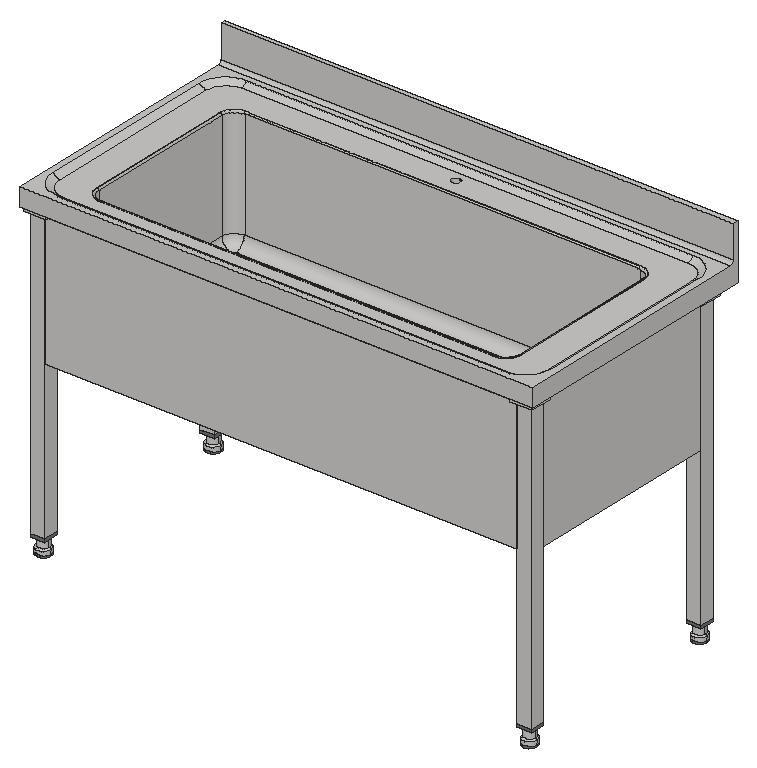
Revit family "QF_ELECTROLUXPROFESSIONAL_132910_SLP14N", category Attrezzature speciali, Revit 2020
Family settings
  Quota connettore circolare = Usa diametro
  Tipo di parte = Normale
  Basato su piano di lavoro = No
  Sempre verticale = Sì
  Taglio con vuoti quando caricato = No
  Condiviso = No
  Punto di calcolo locali = No
Parameters (values of type "Standard")
  Weight = 60.00 kg
  Watts = 0 W
  Volts = 0 V
  URL Manufacturer = "https://www.electroluxprofessional.com/"
  URL = "https://www.electroluxprofessional.com/"
  Steam Supply Size = 0 mm
  Steam Supply Minimum Pressure = 0.0 Pa
  Steam Supply Maximum Pressure = 0.0 Pa
  Steam Consumption per Hour = 0
  Refrigeration Suction Line Size = 0.0 mm
  Refrigeration Liquid Line Size = 0.0 mm
  Refrigerant Compressor Remote = yes
  Prospetto di default = 0.0 mm
  Phase = 0
  Modello = "SLP14N"
  Produttore = "Electrolux Professional"
  Length Actual = 1400.0 mm  # constant formula
  Item Number = "132910"
  Hot Water Size = 0 mm
  Height Actual = 900.0 mm  # constant formula
  HP = "0 HP"
  Gas Size = 0 mm
  Gas KW = 0
  Gas Input Pressure = 0 W
  Direct Waste Size = 139.7 mm
  Descrizione = "SOAKING SINK UNIT WITH 1 BOWL (1280X510X340MM), 1400MM"
  Depth Actual = 700.0 mm  # constant formula
  Cycle = 0 Hz
  Condensate Return Size = 0 mm
  Compressed Air Volume = 0.0 L/s
  Compressed Air Size = 0 mm
  Compressed Air Pressure = 0.0 Pa
  Cold Water Size = 0 mm
  Accessory = yes
Reference planes
  plane 1 "Center (Front/Back)": y = 0
  plane 2: z = 0
  plane 3 "Center (Left/Right)": x = 100
  plane 4 "LEFT": x = -600
  plane 5 "RIGHT": x = 800
  plane 6 "BACK": y = 350
  plane 7 "FRONT": y = -350
  plane 8 "Base": z = 850
  plane 9 "TOP": z = 900
  plane 10 "Sink_Base": z = 558
  plane 11 "ScaricoX": x = 600
  plane 12: z = 441
  plane 13: y = 245
  plane 14 "PlaneGrid": z = 890
  plane 15 "ScaricoY": y = 141
Forms (mm)
  Extrusion 1, solid, material "QF_Finishes_Stainless Steel"
    sketch origin (100, 0, 0) x (0, 1, 0) y (0, 0, 1)
      loop
        line (-350, 850) -> (350, 850) -> (350, 1000) -> (337, 1000) -> (337, 910)
        arc (337, 910) -> (334.071, 902.929) -> (327, 900) r 10
        line (327, 900) -> (-350, 900) -> (-350, 850)
    from 700 to -700
  Extrusion 2, void
    sketch origin (0, 9, 558) x (0, -1, 0) y (1, 0, 0)
      loop
        circle (-132, 600) r 28
    from 32.343 to -63.145
  Revolve 3, solid, material "QF_Finishes_White"
    sketch origin (600, 9, 0) x (0, -1, 0) y (0, 0, 1)
      loop
        line (-148.5, 542.617) -> (-148.5, 528.5) -> (-147, 528.5) -> (-147, 543.449) -> (-158.558, 550.671) -> (-158.558, 558) -> (-160.058, 558) -> (-160.058, 549.84) -> (-148.5, 542.617)
      axis (-132, 558) -> (-132, 528.5)
    angle from 0 to 360
  Extrusion 4, void
    sketch origin (-6.5, 18.8, 558) x (0, -1, 0) y (1, 0, 0)
      loop
        circle (-245, 106.5) r 11.5
    from 342 to 275.381
  Extrusion 5, void
    sketch origin (-5, 0, 900) x (0, 1, 0) y (-1, 0, 0)
      loop
        arc (180.949, -685) -> (209.233, -673.284) -> (220.949, -645) r 40
        line (220.949, -645) -> (220.949, 435)
        arc (220.949, 435) -> (209.233, 463.284) -> (180.949, 475) r 40
        line (180.949, 475) -> (-239.051, 475)
        arc (-239.051, 475) -> (-267.335, 463.284) -> (-279.051, 435) r 40
        line (-279.051, 435) -> (-279.051, -645)
        arc (-279.051, -645) -> (-267.335, -673.284) -> (-239.051, -685) r 40
        line (-239.051, -685) -> (180.949, -685)
    from 0 to -50
  Extrusion 6, solid, material "QF_Finishes_Stainless Steel"
    sketch origin (-5, 0, 558) x (0, -1, 0) y (1, 0, 0)
      loop
        line (-185.949, 645) -> (-185.949, -435)
        arc (-185.949, -435) -> (-184.484, -438.536) -> (-180.949, -440) r 5
        line (-180.949, -440) -> (238.949, -440)
        arc (238.949, -440) -> (242.484, -438.536) -> (243.949, -435) r 5
        line (243.949, -435) -> (243.949, 645)
        arc (243.949, 645) -> (242.484, 648.536) -> (238.949, 650) r 5
        line (238.949, 650) -> (-180.949, 650)
        arc (-180.949, 650) -> (-184.484, 648.536) -> (-185.949, 645) r 5
    from 0 to 1.5
  Sweep 7, solid, material "QF_Finishes_Stainless Steel"
    path origin (-4.99, 0, 900) x (0, 1, 0) y (-1, 0, 0)
      loop
        line (220.949, -644.99) -> (220.949, 435.01)
        arc (220.949, 435.01) -> (209.233, 463.294) -> (180.949, 475.01) r 40
        line (180.949, 475.01) -> (-239.051, 475.01)
        arc (-239.051, 475.01) -> (-267.335, 463.294) -> (-279.051, 435.01) r 40
        line (-279.051, 435.01) -> (-279.051, -644.99)
        arc (-279.051, -644.99) -> (-267.335, -673.274) -> (-239.051, -684.99) r 40
        line (-239.051, -684.99) -> (180.949, -684.99)
        arc (180.949, -684.99) -> (209.233, -673.274) -> (220.949, -644.99) r 40
    profile origin (100, 220.949, 900) x (0, -1, 0) y (0, 0, 1)
      loop
        arc (5, -15) -> (3.536, -11.464) -> (0, -10) r 5
        line (0, -10) -> (0, -11.5)
        arc (0, -11.5) -> (2.475, -12.525) -> (3.5, -15) r 3.5
        line (3.5, -15) -> (3.5, -310.5)
        arc (3.5, -310.5) -> (12.726, -332.774) -> (35, -342) r 31.5
        line (35, -342) -> (35, -340.5)
        arc (35, -340.5) -> (13.787, -331.713) -> (5, -310.5) r 30
        line (5, -310.5) -> (5, -15)
  Blend 8, void
    base sketch origin (-4.99, 0, 900) x (0, 1, 0) y (-1, 0, 0)
      loop
        arc (312.89, 505.01) -> (291.541, 556.551) -> (240, 577.9) r 72.89
        line (240, 577.9) -> (-260, 577.9)
        arc (-260, 577.9) -> (-311.541, 556.551) -> (-332.89, 505.01) r 72.89
        line (-332.89, 505.01) -> (-332.89, -714.99)
        arc (-332.89, -714.99) -> (-311.541, -766.531) -> (-260, -787.88) r 72.89
        line (-260, -787.88) -> (240, -787.88)
        arc (240, -787.88) -> (291.541, -766.531) -> (312.89, -714.99) r 72.89
        line (312.89, -714.99) -> (312.89, 505.01)
    top sketch origin (-4.99, 0, 900) x (0, 1, 0) y (-1, 0, 0)
      loop
        arc (294.457, 505.01) -> (278.507, 543.517) -> (240, 559.467) r 54.457
        line (240, 559.467) -> (-260, 559.467)
        arc (-260, 559.467) -> (-298.507, 543.517) -> (-314.457, 505.01) r 54.457
        line (-314.457, 505.01) -> (-314.457, -714.99)
        arc (-314.457, -714.99) -> (-298.507, -753.497) -> (-260, -769.447) r 54.457
        line (-260, -769.447) -> (240, -769.447)
        arc (240, -769.447) -> (278.507, -753.497) -> (294.457, -714.99) r 54.457
        line (294.457, -714.99) -> (294.457, 505.01)
    from 0 to -10
Cuts and joins
  Extrusion 4, Extrusion 5, Blend 8 cuts Extrusion 1
  Extrusion 2 cuts Extrusion 6
Lines and regions (mm)
  symbolic lines
    curve 1: line (800, 350, 900) -> (-600, 350, 900)
    curve 2: line (-600, 350, 900) -> (-600, -350, 900)
    curve 3: line (-600, -350, 900) -> (800, -350, 900)
    curve 4: line (800, -350, 900) -> (800, 350, 900)
    curve 5: line (800, 337, 900) -> (-600, 337, 900)
    curve 6: arc (-582.89, 240, 900) -> (-561.541, 291.541, 900) -> (-510, 312.89, 900) r 72.89
    curve 7: line (-510, 312.89, 900) -> (710, 312.89, 900)
    curve 8: line (-582.89, -260, 900) -> (-582.89, 240, 900)
    curve 9: arc (-510, -332.89, 900) -> (-561.541, -311.541, 900) -> (-582.89, -260, 900) r 72.89
    curve 10: line (710, -332.89, 900) -> (-510, -332.89, 900)
    curve 11: line (-510, -314.457, 900) -> (710, -314.457, 900)
    curve 12: arc (-564.457, -260, 900) -> (-548.507, -298.507, 900) -> (-510, -314.457, 900) r 54.457
    curve 13: line (-564.457, 240, 900) -> (-564.457, -260, 900)
    curve 14: arc (-510, 294.457, 900) -> (-548.507, 278.507, 900) -> (-564.457, 240, 900) r 54.457
    curve 15: line (710, 294.457, 900) -> (-510, 294.457, 900)
    curve 16: arc (764.457, 240, 900) -> (748.507, 278.507, 900) -> (710, 294.457, 900) r 54.457
    curve 17: arc (710, 312.89, 900) -> (761.541, 291.541, 900) -> (782.89, 240, 900) r 72.89
    curve 18: line (782.89, 240, 900) -> (782.89, -260, 900)
    curve 19: line (764.457, -260, 900) -> (764.457, 240, 900)
    curve 20: arc (782.89, -260, 900) -> (761.541, -311.541, 900) -> (710, -332.89, 900) r 72.89
    curve 21: arc (710, -314.457, 900) -> (748.507, -298.507, 900) -> (764.457, -260, 900) r 54.457
    curve 22: line (-445, 180.949, 900) -> (-445, -238.949, 900)
    curve 23: line (639.939, 185.949, 900) -> (-440, 185.949, 900)
    curve 24: line (-440, -243.949, 900) -> (639.939, -243.949, 900)
    curve 25: line (644.939, -238.949, 900) -> (644.939, 180.949, 900)
    curve 26: arc (-440, 185.949, 900) -> (-443.536, 184.484, 900) -> (-445, 180.949, 900) r 5
    curve 27: arc (644.939, 180.949, 900) -> (643.474, 184.484, 900) -> (639.939, 185.949, 900) r 5
    curve 28: arc (639.939, -243.949, 900) -> (643.474, -242.484, 900) -> (644.939, -238.949, 900) r 5
    curve 29: arc (-445, -238.949, 900) -> (-443.536, -242.484, 900) -> (-440, -243.949, 900) r 5
    curve 30: circle (100, 263.8, 900) r 11.5 normal (0, 0, 1)
    curve 31: circle (600, 141, 900) r 28 normal (0, 0, 1)
    curve 32: circle (600, 141, 900) r 16.5 normal (0, 0, -1)
    curve 33: arc (-440, 220.949, 900) -> (-468.284, 209.233, 900) -> (-480, 180.949, 900) r 40
    curve 34: line (640, 220.949, 900) -> (-440, 220.949, 900)
    curve 35: line (-480, 180.949, 900) -> (-480, -239.051, 900)
    curve 36: arc (-480, -239.051, 900) -> (-468.284, -267.335, 900) -> (-440, -279.051, 900) r 40
    curve 37: line (-440, -279.051, 900) -> (640, -279.051, 900)
    curve 38: arc (640, -279.051, 900) -> (668.284, -267.335, 900) -> (680, -239.051, 900) r 40
    curve 39: line (680, -239.051, 900) -> (680, 180.949, 900)
    curve 40: arc (680, 180.949, 900) -> (668.284, 209.233, 900) -> (640, 220.949, 900) r 40
Dimensions and locks
  plane 4 "LEFT" to plane 5 "RIGHT" = 1400.0 mm
  equal spacing: plane 4 "LEFT", plane 3 "Center (Left/Right)", plane 5 "RIGHT"
  locked: plane 8 "Base" to level at 850
  locked: Extrusion 1 to level at 1000
  plane 9 "TOP" to level = 900.0 mm
  plane 6 "BACK" to plane 7 "FRONT" = 700.0 mm
  equal spacing: plane 6 "BACK", plane 1 "Center (Front/Back)", plane 7 "FRONT"
  plane 10 "Sink_Base" to level = 558.0 mm
  plane 12 to level = 441.0 mm
  locked: plane 11 "ScaricoX" to plane 5 "RIGHT" at 200
  locked: plane 6 "BACK" to plane 15 "ScaricoY" at 209
  aligned and locked: level to plane 2
  aligned and locked: Extrusion 1 to plane 4 "LEFT"
  aligned and locked: plane 5 "RIGHT" to Extrusion 1
  aligned and locked: curve 2 to plane 4 "LEFT"
Automatic sketch dimensions
  Extrusion 1 sketch curve to plane 7 "FRONT" = 0.0 mm
  Extrusion 1 sketch curve to plane 9 "TOP" = 0.0 mm
  Extrusion 1 sketch curve to plane 6 "BACK" = 0.0 mm
  Extrusion 1 sketch curve to plane 8 "Base" = 0.0 mm
  plane 9 "TOP" to Extrusion 1 sketch curve = 10.0 mm
  Extrusion 1 sketch curve to plane 6 "BACK" = 23.0 mm
  Extrusion 1 sketch curve to Extrusion 1 sketch curve = 90.0 mm
  Extrusion 2 sketch curve to plane 11 "ScaricoX" = 0.0 mm
  Extrusion 2 sketch curve to plane 15 "ScaricoY" = 0.0 mm
  plane 10 "Sink_Base" to Revolve 3 sketch curve = 0.0 mm
  Revolve 3 sketch curve to plane 15 "ScaricoY" = 0.0 mm
  plane 15 "ScaricoY" to Revolve 3 sketch curve = 15.0 mm
  Revolve 3 sketch curve to Revolve 3 sketch curve = 1.5 mm  (x2)
  plane 10 "Sink_Base" to Revolve 3 sketch curve = 7.329 mm
  Revolve 3 sketch curve to Revolve 3 sketch curve = 10.058 mm
  Revolve 3 sketch curve to Revolve 3 sketch curve = 0.831 mm  (x2)
  Revolve 3 sketch curve to Revolve 3 sketch curve = 7.222 mm
  Revolve 3 sketch curve to Revolve 3 sketch curve = 14.117 mm
  Revolve 3 sketch curve to Revolve 3 sketch curve = 24.0 mm
  Revolve 3 sketch curve to plane 10 "Sink_Base" = 26.5 mm
  Extrusion 4 sketch curve to plane 3 "Center (Left/Right)" = 0.0 mm
  plane 13 to Extrusion 4 sketch curve = 18.8 mm
  Sweep 7 sketch curve to Sweep 7 sketch curve = 0.0 mm  (x4)
  Sweep 7 sketch curve to profile plane = 0.0 mm
  Sweep 7 sketch curve to profile plane = 3.5 mm
  Sweep 7 sketch curve to Sweep 7 sketch curve = 1.5 mm
  Sweep 7 sketch curve to Sweep 7 sketch curve = 30.0 mm
  Sweep 7 sketch curve to profile plane = 342.0 mm
  Sweep 7 sketch curve to profile plane = 15.0 mm
  plane 15 "ScaricoY" to Extrusion 6 sketch curve = 44.949 mm
  Extrusion 6 sketch curve to Extrusion 6 sketch curve = 5.0 mm  (x4)
  plane 7 "FRONT" to Extrusion 6 sketch curve = 111.051 mm
  plane 4 "LEFT" to Extrusion 6 sketch curve = 155.0 mm
  Extrusion 6 sketch curve to plane 5 "RIGHT" = 160.0 mm
  Blend 8 sketch curve to plane 13 = 5.0 mm  (x4)
  Blend 8 sketch curve to plane 6 "BACK" = 37.11 mm
  plane 4 "LEFT" to Blend 8 sketch curve = 90.0 mm  (x2)
  plane 7 "FRONT" to Blend 8 sketch curve = 90.0 mm  (x2)
  Blend 8 sketch curve to Blend 8 sketch curve = 72.89 mm  (x2)
  Blend 8 sketch curve to plane 5 "RIGHT" = 90.0 mm  (x2)
  plane 13 to Blend 8 sketch curve = 49.457 mm
  Blend 8 sketch curve to Blend 8 sketch curve = 54.457 mm  (x2)
  curve 6 to curve 14 = 0.0 mm  (x2)
  curve 9 to curve 12 = 0.0 mm  (x2)
  curve 16 to curve 17 = 0.0 mm  (x2)
  curve 20 to curve 21 = 0.0 mm
  curve 3 to plane 5 "RIGHT" = 0.0 mm
  curve 3 to plane 7 "FRONT" = 0.0 mm
  curve 30 to plane 3 "Center (Left/Right)" = 0.0 mm
  curve 2 to plane 6 "BACK" = 0.0 mm
  plane 7 "FRONT" to curve 10 = 17.11 mm
  curve 10 to curve 11 = 18.433 mm
  plane 4 "LEFT" to curve 13 = 35.543 mm
  curve 12 to curve 13 = 54.457 mm
  curve 18 to plane 5 "RIGHT" = 17.11 mm
  curve 24 to curve 22 = 5.0 mm
  curve 27 to curve 23 = 5.0 mm
  curve 17 to plane 13 = 5.0 mm
  curve 14 to plane 13 = 5.0 mm
  plane 13 to curve 30 = 18.8 mm
  plane 13 to curve 15 = 49.457 mm
  curve 5 to plane 6 "BACK" = 13.0 mm
  plane 7 "FRONT" to Sweep 7 sketch curve = 110.949 mm
  Sweep 7 sketch curve to Sweep 7 sketch curve = 40.0 mm
  plane 15 "ScaricoY" to Sweep 7 sketch curve = 39.949 mm  (x2)
  Sweep 7 sketch curve to plane 13 = 24.051 mm
  Sweep 7 sketch curve to plane 11 "ScaricoX" = 40.0 mm  (x2)
  plane 4 "LEFT" to Sweep 7 sketch curve = 160.0 mm
  plane 7 "FRONT" to Extrusion 5 sketch curve = 70.949 mm
  Extrusion 5 sketch curve to Extrusion 5 sketch curve = 40.0 mm  (x2)
  plane 15 "ScaricoY" to Extrusion 5 sketch curve = 39.949 mm  (x2)
  Extrusion 5 sketch curve to plane 13 = 24.051 mm
  Extrusion 5 sketch curve to plane 11 "ScaricoX" = 40.0 mm
  plane 4 "LEFT" to Extrusion 5 sketch curve = 160.0 mm
  curve 31 to curve 32 = 0.0 mm  (x2)
  curve 32 to plane 11 "ScaricoX" = 0.0 mm
  curve 32 to plane 15 "ScaricoY" = 0.0 mm
  curve 26 to curve 26 = 5.0 mm
  curve 24 to curve 25 = 5.0 mm
  plane 15 "ScaricoY" to curve 27 = 39.949 mm
  curve 25 to plane 11 "ScaricoX" = 44.939 mm
  curve 20 to curve 24 = 16.051 mm
  curve 26 to curve 6 = 70.0 mm
  curve 33 to curve 26 = 0.0 mm
  curve 34 to plane 13 = 24.051 mm
  curve 34 to curve 23 = 0.0 mm
  curve 34 to curve 23 = 0.061 mm
  curve 9 to curve 35 = 20.949 mm
  curve 36 to curve 29 = 0.0 mm
  curve 37 to curve 28 = 0.061 mm
  curve 38 to curve 28 = 0.102 mm
  curve 25 to curve 39 = 0.0 mm
  radius of Extrusion 2 sketch curve = 28.0 mm
  radius of Extrusion 4 sketch curve = 11.5 mm
  radius of curve 30 = 11.5 mm
  radius of curve 31 = 28.0 mm
  radius of curve 32 = 16.5 mm
Nested families
  nested 1: "TAV_W1400_CASSH" at (-50, 0, 0), type "TAV_W1400_CASSH"
Connectors
  piping at (600, 141, 528.5), diameter 30
    settings: on Revolve 3, index 1, connector inside diameter 609.6 mm, connector length 0.0 mm, flow factor 0, pipe flow 0.0 L/s, pressure drop 0.0 Pa, fitting loss kfactor 0, connector angle 0.00°, fixture units 0, engagement length 0.0 mm, angle of deflection 0.00°, flow configuration 1, flow direction 2, fitting loss method 0, system type 16, joint type 0, gender type 0, connector reference index -1, connector utility 0, adjustable connector no, is connector primary yes, connector description "Drain 2"
Definition of nested family "TAV_W1400_CASSH"
  Parameters
    Default Elevation = 0.0 mm
    Model = "TAV_W1400_CASSH"
    Manufacturer = "Electrolux Professional"
    Description = ""
  Reference planes
    plane 1 "Center (Front/Back)": y = 0
    plane 2: z = 0
    plane 3 "Center (Left/Right)": x = 150
    plane 4 "LEFT": x = -550
    plane 5 "RIGHT": x = 850
    plane 6 "BACK": y = 350
    plane 7 "FRONT": y = -350
    plane 8 "Base": z = 850
    plane 9 "TOP": z = 900
    plane 10: x = -514.5
    plane 11: x = 814.5
    plane 12: y = 265.5
    plane 13: y = -314.5
    plane 14: x = -494.5
    plane 15: x = 794.5
    plane 16 "RIPIANO": z = 200
  Forms (mm)
    Extrusion 1, solid
      sketch origin (0, 0.5, 850) x (0, 1, 0) y (-1, 0, 0)
        loop
          line (245, 534.5) -> (-295, 534.5) -> (-295, 533) -> (245, 533) -> (245, 534.5)
        loop
          line (-295, -834.5) -> (285, -834.5) -> (285, -833) -> (-295, -833) -> (-295, -834.5)
        loop
          line (-335, 494.5) -> (-335, -794.5) -> (-333.5, -794.5) -> (-333.5, 494.5) -> (-335, 494.5)
      from -10 to -370
    Extrusion 2, solid
      sketch origin (-4.534, 0, 850) x (0, 1, 0) y (-1, 0, 0)
        loop
          line (235.5, 529.966) -> (-284.5, 529.966) -> (-284.5, 489.966) -> (235.5, 489.966) -> (235.5, 529.966)
        loop
          line (-334.506, 479.966) -> (-334.506, -789.034) -> (-294.506, -789.034) -> (-294.506, 479.966) -> (-334.506, 479.966)
        loop
          line (-284.5, -839.034) -> (235.5, -839.034) -> (235.5, -799.034) -> (-284.5, -799.034) -> (-284.5, -839.034)
        loop
          line (285.5, 479.966) -> (245.5, 479.966) -> (245.5, -789.034) -> (285.5, -789.034) -> (285.5, 479.966)
      from 0 to -10
  Lines and regions (mm)
    symbolic lines, detail levels coarse
      curve 1: line (-550, 350, 200) -> (850, 350, 200)
      curve 2: line (-550, -350, 200) -> (-550, 350, 200)
      curve 3: line (850, -350, 200) -> (-550, -350, 200)
      curve 4: line (850, 350, 200) -> (850, -350, 200)
  Dimensions and locks
    plane 4 "LEFT" to plane 5 "RIGHT" = 1400.0 mm
    equal spacing: plane 4 "LEFT", plane 3 "Center (Left/Right)", plane 5 "RIGHT"
    locked: plane 8 "Base" to level at 850
    plane 4 "LEFT" to plane 10 = 35.5 mm
    plane 11 to plane 5 "RIGHT" = 35.5 mm
    plane 10 to plane 11 = 1329.0 mm
    plane 9 "TOP" to level = 900.0 mm
    plane 6 "BACK" to plane 12 = 84.5 mm
    plane 13 to plane 7 "FRONT" = 35.5 mm
    plane 6 "BACK" to plane 7 "FRONT" = 700.0 mm
    plane 12 to plane 13 = 580.0 mm
    equal spacing: plane 6 "BACK", plane 1 "Center (Front/Back)", plane 7 "FRONT"
    locked: plane 14 to plane 4 "LEFT" at 55.5
    locked: plane 5 "RIGHT" to plane 15 at 55.5
    plane 16 "RIPIANO" to level = 200.0 mm
    plane 2 to plane 16 "RIPIANO" to plane 8 "Base" = 200.0 mm, 650.0 mm
    aligned and locked: level to plane 2
    aligned and locked: plane 10 to nested 1
    aligned and locked: nested 1 to plane 13
    aligned and locked: plane 11 to nested 2
    aligned and locked: nested 2 to plane 13
    aligned and locked: plane 11 to nested 4
    aligned and locked: nested 4 to plane 12
    aligned and locked: plane 10 to nested 3
    aligned and locked: nested 3 to plane 12
    aligned and locked: plane 14 to Extrusion 1 sketch curve
    aligned and locked: Extrusion 1 sketch curve to plane 15
    aligned and locked: Extrusion 1 to Extrusion 2
  Automatic sketch dimensions
    plane 7 "FRONT" to Extrusion 1 sketch curve = 15.5 mm
    plane 13 to Extrusion 1 sketch curve = 20.0 mm  (x2)
    plane 4 "LEFT" to Extrusion 1 sketch curve = 15.5 mm
    Extrusion 1 sketch curve to plane 5 "RIGHT" = 15.5 mm
    Extrusion 1 sketch curve to Extrusion 1 sketch curve = 1.5 mm  (x3)
    Extrusion 1 sketch curve to plane 6 "BACK" = 104.5 mm
    Extrusion 1 sketch curve to plane 6 "BACK" = 64.5 mm
    plane 15 to Extrusion 2 sketch curve = 10.0 mm  (x2)
    plane 7 "FRONT" to Extrusion 2 sketch curve = 15.494 mm
    plane 13 to Extrusion 2 sketch curve = 19.994 mm
    Extrusion 2 sketch curve to plane 5 "RIGHT" = 15.5 mm
    plane 13 to Extrusion 2 sketch curve = 30.0 mm  (x2)
    Extrusion 2 sketch curve to plane 14 = 0.0 mm
    Extrusion 2 sketch curve to plane 12 = 30.0 mm  (x2)
    Extrusion 2 sketch curve to plane 12 = 20.0 mm
    plane 12 to Extrusion 2 sketch curve = 20.0 mm
    Extrusion 2 sketch curve to plane 15 = 0.0 mm
    Extrusion 2 sketch curve to plane 14 = 10.0 mm  (x2)
    Extrusion 2 sketch curve to plane 10 = 20.0 mm
    curve 3 to plane 4 "LEFT" = 0.0 mm
    curve 3 to plane 7 "FRONT" = 0.0 mm
    curve 2 to plane 6 "BACK" = 0.0 mm
    curve 1 to plane 5 "RIGHT" = 0.0 mm
  Nested families
    nested 1: "FEET_40x40_TAV" at (-514.5, -314.5, 0), type "FEET_40x40_TAV"
    nested 2: "FEET_40x40_TAV" at (814.5, -314.5, 0), type "FEET_40x40_TAV"
    nested 3: "FEET_40x40_TAV" at (-514.5, 265.5, 0), type "FEET_40x40_TAV"
    nested 4: "FEET_40x40_TAV" at (814.5, 265.5, 0), type "FEET_40x40_TAV"
  Definition of nested family "FEET_40x40_TAV"
    Parameters
      Default Elevation = 0.0 mm
      FEET = 850.0 mm
    Reference planes
      plane 1 "Center (Front/Back)": y = 0
      plane 2: z = 0
      plane 3 "Center (Left/Right)": x = 0
      plane 4: z = 850
    Forms (mm)
      Extrusion 1, solid
        sketch origin (0, 0, 0) x (1, 0, 0) y (0, 1, 0)
          loop
            line (-20, -20) -> (20, -20) -> (20, 20) -> (-20, 20) -> (-20, -20)
        from 50 to 840
      Extrusion 2, solid
        sketch origin (0, 0, 0) x (1, 0, 0) y (0, 1, 0)
          loop
            circle (0, 0) r 20
        from 0 to 5
      Extrusion 3, solid
        sketch origin (0, 0, 0) x (1, 0, 0) y (0, 1, 0)
          loop
            line (30, 30) -> (-30, 30) -> (-30, -30) -> (30, -30) -> (30, 30)
        from 840 to 850
      Extrusion 4, solid
        sketch origin (0, 0, 0) x (1, 0, 0) y (0, 1, 0)
          loop
            line (-20, -20) -> (20, -20) -> (20, 20) -> (-20, 20) -> (-20, -20)
        from 50 to 42
      Revolve 5, solid
        sketch origin (0, 0, 0) x (1, 0, 0) y (0, 0, 1)
          loop
            line (0, 42) -> (-15, 42) -> (-15, 20) -> (-20, 15) -> (-20, 5) -> (0, 5) -> (0, 42)
          axis (0, 42) -> (0, 5)
        angle from 0 to 360
    Lines and regions (mm)
      symbolic lines
        curve 1: line (0, -1.503, 0) -> (0, 1.508, 0)
        curve 2: line (1.561, 0, 0) -> (-1.439, 0, 0)
    Dimensions and locks
      "FEET": plane 4 to plane 2
      aligned and locked: level to plane 2
    Automatic sketch dimensions
      plane 1 "Center (Front/Back)" to curve 2 = 0.0 mm
      curve 1 to plane 3 "Center (Left/Right)" = 0.0 mm
      curve 2 to plane 3 "Center (Left/Right)" = 1.439 mm
      plane 3 "Center (Left/Right)" to curve 2 = 1.561 mm
      plane 1 "Center (Front/Back)" to curve 1 = 1.503 mm
      curve 1 to plane 1 "Center (Front/Back)" = 1.508 mm
      Extrusion 1 sketch curve to plane 3 "Center (Left/Right)" = 20.0 mm
      plane 3 "Center (Left/Right)" to Extrusion 1 sketch curve = 20.0 mm
      plane 1 "Center (Front/Back)" to Extrusion 1 sketch curve = 20.0 mm
      Extrusion 1 sketch curve to plane 1 "Center (Front/Back)" = 20.0 mm
      plane 1 "Center (Front/Back)" to Extrusion 2 sketch curve = 0.0 mm
      Extrusion 2 sketch curve to plane 3 "Center (Left/Right)" = 0.0 mm
      Extrusion 3 sketch curve to plane 3 "Center (Left/Right)" = 30.0 mm
      plane 3 "Center (Left/Right)" to Extrusion 3 sketch curve = 30.0 mm
      plane 1 "Center (Front/Back)" to Extrusion 3 sketch curve = 30.0 mm
      Extrusion 3 sketch curve to plane 1 "Center (Front/Back)" = 30.0 mm
      Extrusion 4 sketch curve to plane 3 "Center (Left/Right)" = 20.0 mm
      plane 3 "Center (Left/Right)" to Extrusion 4 sketch curve = 20.0 mm
      plane 1 "Center (Front/Back)" to Extrusion 4 sketch curve = 20.0 mm
      Extrusion 4 sketch curve to plane 1 "Center (Front/Back)" = 20.0 mm
      Revolve 5 sketch curve to plane 3 "Center (Left/Right)" = 0.0 mm  (x2)
      Revolve 5 sketch curve to plane 3 "Center (Left/Right)" = 15.0 mm
      Revolve 5 sketch curve to Revolve 5 sketch curve = 5.0 mm  (x3)
      level to Revolve 5 sketch curve = 5.0 mm
      Revolve 5 sketch curve to Revolve 5 sketch curve = 10.0 mm
      Revolve 5 sketch curve to Revolve 5 sketch curve = 22.0 mm
      Revolve 5 sketch curve to level = 9.561 mm
      radius of Extrusion 2 sketch curve = 20.0 mm
